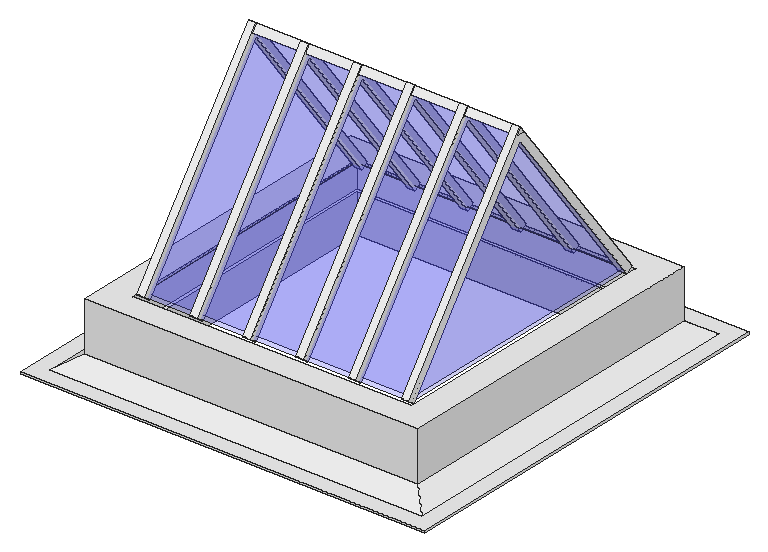
Revit family "WSL_A3-Skylight-Peaked-SMARTBIM", category Windows, host Roof, Revit 2016
Family settings
  Host = Roof
  Always vertical = No
  Cut with Voids When Loaded = No
  Shared = No
  Room Calculation Point = No
Parameters (values of type "Parametric")
  Width = 3' - 0"
  Subcategory = "Skylight\r\n"
  SmartBIM Object Version = 3  # constant formula
  SmartBIM Object Created By = "SMARTBIM, LLC"  # "Reed Construction Data"
  Peak Height = 2' - 0"
  Mullion Width = Length + 0' 1"  # 3' - 1"
  Mullion Spacing = 0' - 6"
  Mullion Side Length Note = "Only 1 inch "  # constant formula
  Mullion Side Length = 0' - 1"
  Mullion = Mullion Material
  Manufacturer = "SMARTBIM"
  Length = 3' - 0"
  Height = 0' - 6"
  Glass = Glass
  Total Frame Height = Frame Height + Curb Height  # 0' - 8 1/2"
  Frame Height = 0' - 3 1/2"
  Frame = Metal Aluminium
  Curb Height = 0' - 5"
  Curb Depth = 0' - 3 1/2"
  Assembly Code = "B3020110"
  95 CSI = "08600"
  04 CSI = "08 60 00"
  # of Mullions = Width / Mullion Spacing  # 6
Reference planes (in)
  plane 1 "Center (Front/Back)": y = 0
  plane 2 "Roof": z = 144
  plane 3 "Center (Left/Right)": x = 0
  plane 4 "Roof Plane": z = 150
  plane 5 "Front": y = -18
  plane 6 "Back": y = 18
  plane 7 "Left": x = -18
  plane 8 "Right": x = 18
  plane 9: z = 158.5
  plane 10 "Glass Base Plane": z = 158.5
  plane 11 "voidp": z = 158
  plane 12: z = 164.5
  plane 13: z = 188.5
Forms (in)
  Extrusion 1, solid, material "Curb"
    sketch origin (0, 0, 150) x (0, -1, 0) y (1, 0, 0)
      loop
        line (-21.5, -21.5) -> (21.5, -21.5) -> (21.5, 21.5) -> (-21.5, 21.5) -> (-21.5, -21.5)
      loop
        line (-18, -18) -> (18, -18) -> (18, 18) -> (-18, 18) -> (-18, -18)
    from 0 to 5 <- "Curb Height"
  Sweep 2, solid, material "Metal Aluminium" <- "Frame"
    path origin (0, 0, 150) x (0, -1, 0) y (1, 0, 0)
      loop
        line (-17.99943, -18) -> (18.00057, -18) -> (18.00057, 18) -> (-17.99943, 18) -> (-17.99943, -18)
    profile origin (0, 17.99943, 150) x (0, 1, 0) y (0, 0, 1)
      loop
        line (0.50057, 5) -> (3.75057, 5) -> (3.75057, 1.86662) -> (6.55064, 0.0196) -> (8.77789, 0.0196) -> (8.77789, 0.2696) -> (6.62567, 0.2696) -> (4.00057, 2.00121) -> (4.00057, 8.5) -> (0.50057, 8.5) -> (0.50057, 5)
  Extrusion 3, solid, material "Mullion Material" <- "Mullion"
    sketch origin (-18, 0, 0) x (0, 0, -1) y (0, -1, 0)
      loop
        line (-182.5, 0.625) -> (-183.33333, 0) -> (-182.5, -0.534) -> (-182.5, 0.625)
    from -36 to 0
Lines and regions (in)
  Opening 1
    outline origin (0, 0, 150) x (0, 1, 0) y (-1, 0, 0)
      loop
        line (18, -18) -> (18, 18) -> (-18, 18) -> (-18, -18) -> (18, -18)
  reference lines
    curve 1: line (18, 51.34475, 182.5) -> (18, -48.65525, 182.5)
Dimensions and locks (in)
  equal spacing: host sketch curve, plane 3 "Center (Left/Right)", host sketch curve
  equal spacing: host sketch curve, plane 1 "Center (Front/Back)", host sketch curve
  "Length": Extrusion 1 sketch curve to Extrusion 1 sketch curve
  "Width": Extrusion 1 sketch curve to Extrusion 1 sketch curve
  "Curb Depth": Extrusion 1 sketch curve to Extrusion 1 sketch curve  (x3)
  "Length": plane 7 "Left" to plane 8 "Right"
  "Width": plane 6 "Back" to plane 5 "Front"
  Sweep 2 sketch curve to Extrusion 1 = 0' - 0 1/2"
  equal spacing: plane 6 "Back", plane 1 "Center (Front/Back)", plane 5 "Front"
  equal spacing: plane 7 "Left", plane 3 "Center (Left/Right)", plane 8 "Right"
  equal spacing: Extrusion 1 sketch curve, plane 1 "Center (Front/Back)", Extrusion 1 sketch curve
  equal spacing: Extrusion 1 sketch curve, plane 3 "Center (Left/Right)", Extrusion 1 sketch curve
  "Frame Height": Sweep 2 sketch curve to Sweep 2 sketch curve
  "Curb Depth": Sweep 2 sketch curve to Sweep 2 sketch curve
  plane 6 "Back" to Sweep 2 = 0' - 0 1/2"
  Sweep 2 to Extrusion 1 = 0' - 0.50057"
  Extrusion 1 to Sweep 2 = 0' - 0.50115"
  Extrusion 1 to Sweep 2 = 0' - 0.50057"
  plane 10 "Glass Base Plane" to plane 11 "voidp" = 0' - 0 1/2"
  Sweep 2 sketch curve to Sweep 2 sketch curve = 0' - 0 1/4"  (x2)
  "Length": Opening 1 sketch curve to Opening 1 sketch curve
  equal spacing: Opening 1 sketch curve, plane 3 "Center (Left/Right)", Opening 1 sketch curve
  "Width": Opening 1 sketch curve to Opening 1 sketch curve
  equal spacing: Opening 1 sketch curve, plane 1 "Center (Front/Back)", Opening 1 sketch curve
  "Curb Height": Sweep 2 sketch curve to profile plane
  "Total Frame Height": plane 4 "Roof Plane" to plane 10 "Glass Base Plane"
  host roof to plane 4 "Roof Plane" = 0' - 0"
  locked: plane 11 "voidp" to plane 10 "Glass Base Plane" at 0.5
  "Height": plane 12 to plane 10 "Glass Base Plane"
  "Peak Height": plane 13 to plane 12
  equal spacing: group 2, group 6, group 5, group 4, group 3, group 1
  equal spacing: group 1, group 3, group 4, group 5, group 6, group 2  (x2)
  "Peak Height": plane 10 "Glass Base Plane" to curve 1
  aligned and locked: plane 2 "Roof" to level
  aligned and locked: Extrusion 1 sketch curve to plane 7 "Left"
  aligned and locked: plane 4 "Roof Plane" to host roof
  aligned and locked: nested 2 to plane 1 "Center (Front/Back)"
  aligned and locked: plane 8 "Right" to nested 2
  aligned and locked: nested 2 to plane 10 "Glass Base Plane"
  aligned and locked: nested 1 to plane 1 "Center (Front/Back)"
  aligned and locked: plane 3 "Center (Left/Right)" to nested 1
  aligned and locked: nested 1 to plane 10 "Glass Base Plane"
  aligned and locked: plane 10 "Glass Base Plane" to nested 1
  aligned and locked: nested 3 to plane 1 "Center (Front/Back)"
  aligned and locked: plane 7 "Left" to nested 3
  aligned and locked: nested 3 to plane 10 "Glass Base Plane"
  aligned and locked: nested 3 to Extrusion 3 sketch curve  (x2)
  aligned and locked: Extrusion 3 to plane 8 "Right"
  aligned and locked: plane 7 "Left" to Extrusion 3
Automatic sketch dimensions
  Sweep 2 sketch curve to plane 8 "Right" = 0' - 0"
  Sweep 2 sketch curve to plane 7 "Left" = 0' - 0"
  Sweep 2 sketch curve to plane 6 "Back" = 0' - 0.00057"
  Sweep 2 sketch curve to plane 5 "Front" = 0' - 0.00057"
  Sweep 2 sketch curve to Sweep 2 sketch curve = 0' - 0 1/4"
  Sweep 2 sketch curve to plane 4 "Roof Plane" = 0' - 0.0196"
  Sweep 2 sketch curve to Sweep 2 sketch curve = 0' - 2.55007"
  Sweep 2 sketch curve to Sweep 2 sketch curve = 0' - 0.07503"
  Sweep 2 sketch curve to Sweep 2 sketch curve = 0' - 2.15222"
  plane 6 "Back" to curve 1 = 2' - 9.34475"
  curve 1 to plane 5 "Front" = 2' - 6.65525"
  Extrusion 3 sketch curve to plane 1 "Center (Front/Back)" = 0' - 0"
  Extrusion 3 sketch curve to plane 1 "Center (Front/Back)" = 0' - 0.534"
Nested families (in)
  nested 1: "Extrusion_Glass-Peaked" at (-3.5, 0.61347, 158.5) x (0, 1, 0) z (0, 0, 1), type "Parametric"
    with Width 3' - 0"
  nested 2: "Mullion-Arched" at (14, 0.61347, 158.5) x (0, 1, 0) z (0, 0, 1), type "Mullion-Arched-Mullion-Arched-Peaked"
    with Width 3' - 0"
  nested 3: "Mullion-Arched" at (-21, 0.61347, 158.5) x (0, 1, 0) z (0, 0, 1), type "Mullion-Arched-Mullion-Arched-Peaked"
    with Width 3' - 0"
  nested 4: "Mullion-Arched" at (7, 0.61347, 158.5) x (0, 1, 0) z (0, 0, 1), type "Mullion-Arched-Mullion-Arched-Peaked"
    with Width 3' - 0"
  nested 5: "Mullion-Arched" at (0, 0.61347, 158.5) x (0, 1, 0) z (0, 0, 1), type "Mullion-Arched-Mullion-Arched-Peaked"
    with Width 3' - 0"
  nested 6: "Mullion-Arched" at (-7, 0.61347, 158.5) x (0, 1, 0) z (0, 0, 1), type "Mullion-Arched-Mullion-Arched-Peaked"
    with Width 3' - 0"
  nested 7: "Mullion-Arched" at (-14, 0.61347, 158.5) x (0, 1, 0) z (0, 0, 1), type "Mullion-Arched-Mullion-Arched-Peaked"
    with Width 3' - 0"
Definition of nested family "Extrusion_Glass-Peaked"
  Parameters
    Width = 4' - 0"
    Peak Height = 2' - 0"
    Glass = none
    Depth = 3' - 0"
    Assembly Code = ""
  Reference planes (in)
    plane 1 "Center (Front/Back)": y = -3.5
    plane 2 "Base Placement Plane": z = 0
    plane 3 "Center (Left/Right)": x = -0.61347
    plane 4: z = 24
    plane 5: x = -24.61347
    plane 6: x = 23.38653
    plane 7 "Back": y = 14.5
    plane 8 "Front": y = -21.5
    plane 9: y = 14.25
    plane 10: y = -21.25
  Forms (in)
    Extrusion 1, solid, material <- "Glass"
      sketch origin (0, -21.5, 0) x (-1, 0, 0) y (0, 0, 1)
        loop
          line (24.61347, 0) -> (0.61347, 24) -> (-23.38653, 0) -> (24.61347, 0)
      from 0 to 36
    Extrusion 2, void
      sketch origin (0, -21.5, 0) x (-1, 0, 0) y (0, 0, 1)
        loop
          line (24.00991, 0.25) -> (0.61347, 23.64645) -> (-22.78298, 0.25) -> (24.00991, 0.25)
      from 0.25 to 35.75
  Cuts and joins
    Extrusion 2 cuts Extrusion 1
  Lines and regions (in)
    reference lines
      curve 1: line (-24.61347, -3.5, 0) -> (-0.61347, -3.5, 24)
      curve 2: line (-0.61347, -3.5, 24) -> (23.38653, -3.5, 0)
  Dimensions and locks (in)
    equal spacing: plane 6, plane 3 "Center (Left/Right)", plane 5
    "Width": plane 6 to plane 5
    "Peak Height": plane 4 to level
    equal spacing: plane 7 "Back", plane 1 "Center (Front/Back)", plane 8 "Front"
    "Depth": plane 7 "Back" to plane 8 "Front"
    locked: plane 10 to plane 8 "Front" at 0.25
    locked: plane 7 "Back" to plane 9 at 0.25
    locked: cut or joined group of Extrusion 1, Extrusion 2 to Extrusion 2 sketch curve at 0.25  (x2)
    locked: Extrusion 2 sketch curve to cut or joined group of Extrusion 1, Extrusion 2 at 0.25
    aligned and locked: plane 5 to curve 1
    aligned and locked: Extrusion 1 sketch curve to curve 1
    aligned and locked: Extrusion 1 sketch curve to curve 2
    aligned and locked: level to Extrusion 1 sketch curve
    aligned and locked: plane 7 "Back" to Extrusion 1
    aligned and locked: Extrusion 1 to plane 8 "Front"
    aligned and locked: plane 9 to cut or joined group of Extrusion 1, Extrusion 2
    aligned and locked: Extrusion 2 to plane 10
  Automatic sketch dimensions
    curve 2 to plane 3 "Center (Left/Right)" = 0' - 0"
    curve 2 to level = 0' - 0"
    curve 2 to plane 6 = 0' - 0"
    curve 1 to level = 0' - 0"
    curve 2 to plane 4 = 0' - 0"
Definition of nested family "Mullion-Arched"
  Parameters
    Width = 4' - 0"
    Peak Height = 2' - 0"
    Mullion Side Length = 0' - 1"
    Extrusion Material = none
    Assembly Code = ""
  Reference planes (in)
    plane 1 "Center (Front/Back)": y = -3.5
    plane 2 "Base Placement Plane": z = 0
    plane 3 "Center (Left/Right)": x = -0.61347
    plane 4: z = 24
    plane 5: x = -24.61347
    plane 6: x = 23.38653
    plane 7: y = -3
    plane 8: y = -4
  Forms (in)
    Sweep 1, solid, material <- "Extrusion Material"
      path origin (0, -3.5, 0) x (1, 0, 0) y (0, 0, 1)
        loop
          line (-24.61347, 0) -> (-0.61347, 24) -> (23.38653, 0)
      profile "Profile-Mullion : Profile-Mullion" origin (-12.61347, -3.5, 12) x (-0.707107, 0, 0.707107) y (0, -1, 0)
        loop
          line (-0.5, 0.5) -> (-0.5, -0.5) -> (0.5, -0.5) -> (0.5, 0.5) -> (-0.5, 0.5)
  Lines and regions (in)
    reference lines
      curve 1: line (-24.61347, -3.5, 0) -> (-0.61347, -3.5, 24)
      curve 2: line (-0.61347, -3.5, 24) -> (23.38653, -3.5, 0)
  Dimensions and locks (in)
    equal spacing: plane 6, plane 3 "Center (Left/Right)", plane 5
    "Width": plane 6 to plane 5
    "Peak Height": plane 4 to level
    equal spacing: plane 7, plane 1 "Center (Front/Back)", plane 8
    "Mullion Side Length": plane 7 to plane 8
    aligned and locked: plane 5 to curve 1
    aligned and locked: Sweep 1 sketch curve to curve 1
    aligned and locked: Sweep 1 sketch curve to curve 2
  Automatic sketch dimensions
    curve 2 to plane 3 "Center (Left/Right)" = 0' - 0"
    curve 2 to level = 0' - 0"
    curve 2 to plane 6 = 0' - 0"
    curve 1 to level = 0' - 0"
    curve 2 to plane 4 = 0' - 0"
    Sweep 1 sketch curve to level = 0' - 0"  (x2)
